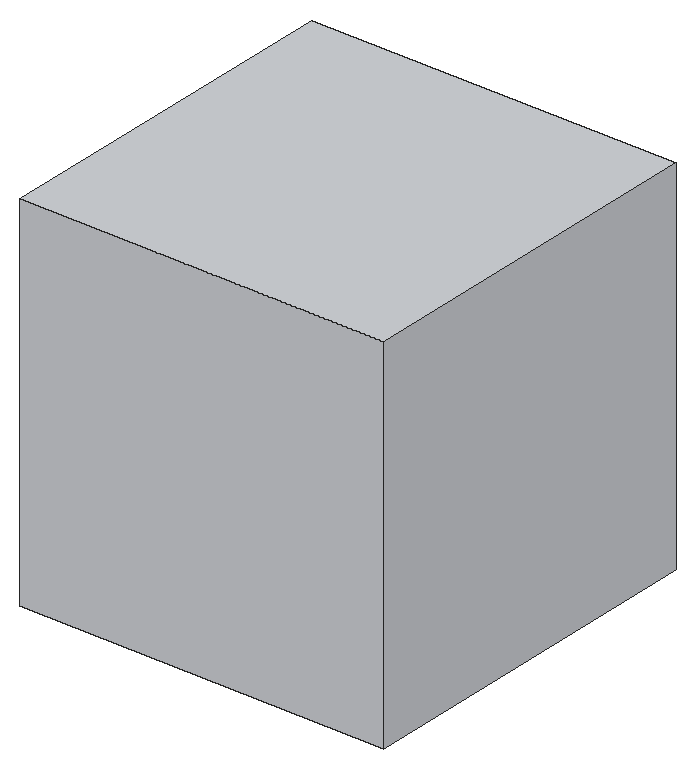
Revit family "AH_CubeGenericObjectData", category Generic Models, Revit 2025
Family settings
  Can host rebar = No
  Round Connector Dimension = Use Diameter
  Part Type = Normal
  Work Plane-Based = No
  Always vertical = Yes
  Cut with Voids When Loaded = No
  Maintain Annotation Orientation = No
  Shared = No
  Room Calculation Point = No
Parameters (values of type "Dummy")
  Standalone = ""
  Default Elevation = 0 mm
  Classificatie = ""
  Aanwezig in Project = no
Reference planes
  plane 1 "Center (Front/Back)": y = 0
  plane 2: z = 0
  plane 3 "Center (Left/Right)": x = 0
Forms (mm)
  Extrusion 1, solid
    sketch origin (190.139, -250, 0) x (1, 0, 0) y (0, 1, 0)
      loop
        line (-440.139, 0.464) -> (59.861, 0.464) -> (59.861, 500.464) -> (-440.139, 500.464) -> (-440.139, 0.464)
    from 0 to 500
Dimensions and locks
  aligned and locked: level to plane 2
